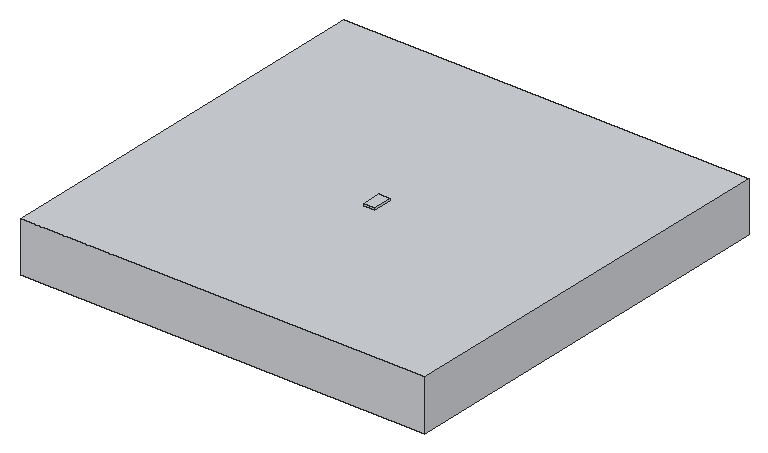
Revit family "M_Estação de enfermagem", category Dispositivos de chamada de enfermeira, Revit 2019
Family settings
  Hospedeiro = Face
  Manter orientação da anotação = Sim
  Cota do conector redondo = Utilizar diâmetro
  Tipo de parte = Normal
  Número OmniClass = 23.85.30.24.14
  Título OmniClass = Nurse Call Systems
  ID de item do Seek = Nurse Station-0000-CAN-ENU
  Corte com vazios quando carregada = Não
  Compartilhado = Não
  Ponto de cálculo do ambiente = Não
Parameters (values of type "Padrão")
  Projeto = 11 mm
  Legenda = "N"
  Elevação-padrão = 1200 mm
  Largura da placa frontal = 114 mm
  Material da placa frontal = none
  Comprimento da placa frontal = 70 mm
  Altura da placa frontal = 38 mm
Reference planes
  plane 1 "Centro (Frente/Trás)": y = 0
  plane 2: z = 0
  plane 3 "Centro (Esquerda/Direita)": x = 0
  plane 4: y = -114
  plane 5: x = -35
  plane 6: x = 35
  plane 7: z = 11
  plane 8: z = -27
  plane 9: x = -22.3
  plane 10: x = 22.3
  plane 11: y = -12.7
  plane 12: y = -101.3
Forms (mm)
  Extrusion 1, solid
    sketch origin (0, 0, 0) x (1, 0, 0) y (0, 1, 0)
      loop
        line (-1219.2, 1219.2) -> (-1219.2, -1219.2) -> (1219.2, -1219.2) -> (1219.2, 1219.2) -> (-1219.2, 1219.2)
    from 0 to -304.8
  Extrusion 2, solid, material <- "Material da placa frontal"
    sketch origin (0, 0, 0) x (1, 0, 0) y (0, 1, 0)
      loop
        line (-35, 0) -> (-35, -114) -> (35, -114) -> (35, 0) -> (-35, 0)
    from 0 to 11
  Extrusion 3, solid, material <- "Material da placa frontal"
    sketch origin (0, 0, 0) x (1, 0, 0) y (0, 1, 0)
      loop
        line (-22.3, -12.7) -> (-22.3, -101.3) -> (22.3, -101.3) -> (22.3, -12.7) -> (-22.3, -12.7)
    from -27 to 0
Lines and regions (mm)
  symbolic lines, detail levels fine
    curve 1: line (35, 0, 11) -> (-35, 0, 11)
    curve 2: line (-35, 0, 11) -> (-35, 0, 0)
    curve 3: line (35, 0, 0) -> (35, 0, 11)
    curve 4: line (-35, 0, 0) -> (35, 0, 0)
    curve 5: line (-22.3, 0, 0) -> (-22.3, 0, -27)
    curve 6: line (22.3, 0, -27) -> (22.3, 0, 0)
    curve 7: line (-22.3, 0, -27) -> (22.3, 0, -27)
Dimensions and locks
  equal spacing: plane 5, plane 3 "Centro (Esquerda/Direita)", plane 6
  "Comprimento da placa frontal": plane 5 to plane 6
  "Largura da placa frontal": plane 1 "Centro (Frente/Trás)" to plane 4
  locked: plane 5 to plane 9 at 12.7
  locked: plane 10 to plane 6 at 12.7
  locked: plane 1 "Centro (Frente/Trás)" to plane 11 at 12.7
  locked: plane 12 to plane 4 at 12.7
  "Altura da placa frontal": plane 7 to plane 8
  "Projeto": plane 7 to plane 2
  aligned and locked: plane 2 to Extrusion 1
  aligned and locked: level to Extrusion 1
  aligned and locked: plane 5 to Extrusion 2 sketch curve
  aligned and locked: plane 1 "Centro (Frente/Trás)" to Extrusion 2 sketch curve
  aligned and locked: plane 4 to Extrusion 2 sketch curve
  aligned and locked: Extrusion 2 sketch curve to plane 6
  aligned and locked: plane 9 to Extrusion 3 sketch curve
  aligned and locked: Extrusion 3 sketch curve to plane 11
  aligned and locked: plane 12 to Extrusion 3 sketch curve
  aligned and locked: Extrusion 3 sketch curve to plane 10
  aligned and locked: Extrusion 3 to plane 8
  aligned and locked: plane 7 to Extrusion 2
  aligned and locked: Extrusion 2 to plane 2
  aligned and locked: plane 2 to Extrusion 3
  aligned and locked: plane 1 "Centro (Frente/Trás)" to nested 1
  aligned and locked: plane 3 "Centro (Esquerda/Direita)" to nested 1
  aligned and locked: curve 1 to Extrusion 2
  aligned and locked: curve 2 to Extrusion 2
  aligned and locked: curve 3 to Extrusion 2
  aligned and locked: curve 4 to Extrusion 2
  aligned and locked: curve 5 to Extrusion 3
  aligned and locked: curve 6 to Extrusion 3
  aligned and locked: curve 7 to Extrusion 3
Automatic sketch dimensions
  Extrusion 1 sketch curve to Extrusion 1 sketch curve = 2438.4 mm  (x2)
Nested families
  nested 1: "M_Anotação da estação de enfermagem" at (0, 0, 0), type "Anotação da estação de enfermagem", detail levels coarse+medium
Connectors
  electrical at (0, -12.7, -13.5)
    settings: on Extrusion 3, index 1, voltage 0 V, apparent load 0 VA, apparent load phase1 0 VA, apparent load phase2 0 VA, apparent load phase3 0 VA, power factor 1, load classification "Outros", number of poles 1, system type 12, power factor state 1, is connector primary yes, connector utility no, sub classification motor no, connector description ""
Definition of nested family "M_Anotação da estação de enfermagem"
  Parameters
    Anotação de legenda = "N"
  Reference planes
    plane 1: y = 0
    plane 2: x = 0
  Lines and regions (mm)
    reference lines
      curve 1: line (1.984, 11.258, 0) -> (1.984, -5.783, 0)
      curve 2: line (-1.984, 11.258, 0) -> (-1.984, -5.783, 0)
      curve 3: line (-4.907, 3.969, 0) -> (19.767, 3.969, 0)
      curve 4: line (-4.907, 0, 0) -> (19.767, 0, 0)
    detail lines
      curve 5: line (-1.984, 3.969, 0) -> (1.984, 3.969, 0)
      curve 6: line (-1.984, 0, 0) -> (-1.984, 3.969, 0)
      curve 7: line (1.984, 0, 0) -> (-1.984, 0, 0)
      curve 8: line (1.984, 3.969, 0) -> (1.984, 0, 0)
  Text (mm)
    label "N" at (-1.154, 1.904, 0), shows "Anotação de legenda"
  Dimensions and locks
    locked: plane 2 to curve 1 at 1.984
    locked: curve 2 to plane 2 at 1.984
    locked: curve 4 to plane 1 at 0
    locked: curve 4 to curve 3 at 3.969
    aligned and locked: curve 3 to curve 5
    aligned and locked: curve 1 to curve 8
    aligned and locked: curve 7 to curve 4
    aligned and locked: curve 6 to curve 2
